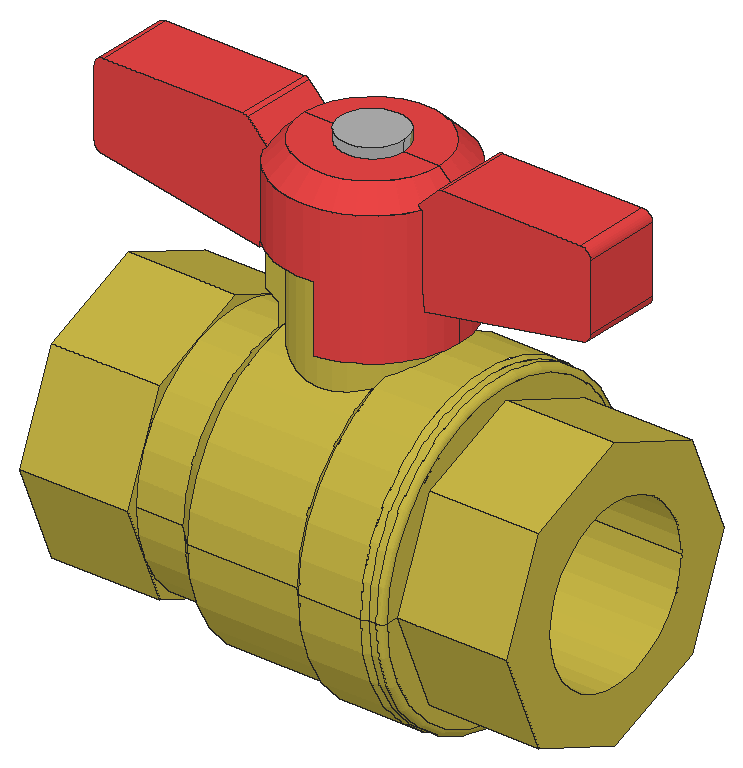
Revit family "QA01840000", category Apparecchi idraulici, Revit 2016
Family settings
  Tipo di parte = Normale
  Quota connettore circolare = Usa diametro
  Numero OmniClass = 23.45.00.00
  Titolo OmniClass = Sanitary, Laundry, and Cleaning Equipment
  Basato su piano di lavoro = No
  Sempre verticale = Sì
  Taglio con vuoti quando caricato = No
  Condiviso = No
  Punto di calcolo locali = No
Parameters
  URL = "https://web.cimberio.it/index.php/figura/1031?subcategoria_id=41693"
  DN Model [instance] = QA01841025 : QA01841025
  DN [instance] = 25 mm
Reference planes
  plane 1 "Centro (Fronte/Retro)": y = 0
  plane 2: z = 0
  plane 3 "Centro (Sinistra/Destra)": x = 0
Dimensions and locks
  aligned and locked: level to plane 2
Nested families
  nested 1: "QA01841025" at (0, 0, 0), type <- "DN Model", type "QA01841025"
  nested 2: "QA01841025" at (0, 0, 0), type <- "DN Model", type "QA01841025"
  nested 3: "QA01841025" at (0, 0, 0), type <- "DN Model", type "QA01841025"
  nested 4: "QA01841025" at (0, 0, 0), type <- "DN Model", type "QA01841025"
  nested 5: "QA01841025" at (0, 0, 0), type <- "DN Model", type "QA01841025"
  nested 6: "QA01841025" at (0, 0, 0), type <- "DN Model", type "QA01841025"
  nested 7: "QA01841025" at (0, 0, 0), type <- "DN Model", type "QA01841025"
  nested 8: "QA01841025" at (0, 0, 0), type <- "DN Model", type "QA01841025"
Connectors
  piping at (36.701, 0, 0), diameter 25, driven by "DN"
    settings: on nested 1, index 1, connector inside diameter 609.6 mm, connector length 0 mm, flow factor 0, pipe flow 0.0 L/s, pressure drop 0.0 Pa, fitting loss kfactor 0, connector angle 0.00°, fixture units 0, engagement length 0 mm, angle of deflection 0.00°, flow configuration 0, flow direction 0, fitting loss method 0, system type 7, joint type 0, gender type 0, connector reference index -1, connector utility 0, adjustable connector no, is connector primary yes, connector description ""
  piping at (-36.899, 0, 0), diameter 25, driven by "DN"
    settings: on nested 1, index 2, connector inside diameter 609.6 mm, connector length 0 mm, flow factor 0, pipe flow 0.0 L/s, pressure drop 0.0 Pa, fitting loss kfactor 0, connector angle 0.00°, fixture units 0, engagement length 0 mm, angle of deflection 0.00°, flow configuration 0, flow direction 0, fitting loss method 0, system type 7, joint type 0, gender type 0, connector reference index -1, connector utility 0, adjustable connector no, is connector primary no, connector description ""
Definition of nested family "QA01841025"
  Reference planes
    plane 1 "Centro (Fronte/Retro)": y = 0
    plane 2: z = 0
    plane 3 "Centro (Sinistra/Destra)": x = 0
  Forms (mm)
    Extrusion 1, solid
      sketch origin (0, 0, 23.55) x (1, 0, 0) y (0, 1, 0)
        loop
          circle (0, 0) r 10.25
        loop
          circle (0, 0) r 6.348
      from -11.092 to 15.409
    Extrusion 2, solid
      sketch origin (-1.996, 0, -0.045) x (1, 0, 0) y (0, 0, 1)
        loop
          line (-13, 30.345) -> (-13, 24.043) -> (-11, 22.888) -> (-11, 12.504) -> (-5.604, 12.504) -> (-5.604, 30.345) -> (-13, 30.345)
      from 0 to 1.497
    Extrusion 3, solid
      sketch origin (0, 0, 48.769) x (0, 1, 0) y (-1, 0, 0)
        loop
          circle (0, 0) r 4.75
      from 0 to 1.5
    Revolve 4, solid
      sketch origin (0, 0, 0) x (0, 1, 0) y (-1, 0, 0)
        loop
          line (9.248, 20.6) -> (9.248, -20.096) -> (22.254, -20.096)
          arc (22.254, -20.096) -> (22.958, -19.804) -> (23.25, -19.1) r 0.996
          line (23.25, -19.1) -> (23.25, -17.98) -> (23.5, -16.977) -> (23.5, -7.6) -> (22.3, -6.4) -> (22.3, 10.1) -> (19, 13.4) -> (19, 20.6) -> (9.248, 20.6)
        axis (0, 20.6) -> (0, -20.096)
      angle from 0 to 360
    Revolve 5, solid
      sketch origin (0, 0, -5) x (1, 0, 0) y (0, 0, 1)
        loop
          line (0, 53.806) -> (-10.244, 53.806) -> (-13.25, 50.8) -> (-13.25, 30.778) -> (-10.467, 30.778) -> (-10.467, 45.453) -> (0, 45.453) -> (0, 53.806)
        axis (0, 30.778) -> (0, 53.806)
      angle from 0 to 360
    Extrusion 6, void
      sketch origin (0, 0, 53.3) x (-1, 0, 0) y (0, 1, 0)
        loop
          line (14.025, 0) -> (10.467, 0)
          arc (10.467, 0) -> (6.812, -7.947) -> (-1.6, -10.344) r 10.467
          line (-1.6, -10.344) -> (-1.6, -13.934)
          arc (-1.6, -13.934) -> (9.334, -10.468) -> (14.025, 0) r 14.025
      from 17.5 to 31.018
    Extrusion 7, solid
      sketch origin (0, 0, 0) x (1, 0, 0) y (0, 0, 1)
        loop
          arc (-14.325, 49.208) -> (-14.649, 49.425) -> (-15.032, 49.501) r 1
          line (-15.032, 49.501) -> (-36.032, 49.501)
          arc (-36.032, 49.501) -> (-37.092, 49.062) -> (-37.532, 48.001) r 1.5
          line (-37.532, 48.001) -> (-37.532, 37.978)
          arc (-37.532, 37.978) -> (-37.181, 37.014) -> (-36.292, 36.501) r 1.5
          line (-36.292, 36.501) -> (-12.471, 32.301) -> (-11.124, 46.001) -> (-14.325, 49.208)
        loop
          line (14.325, 49.208) -> (11.124, 46.001) -> (12.471, 32.301) -> (36.292, 36.501)
          arc (36.292, 36.501) -> (37.181, 37.014) -> (37.532, 37.978) r 1.5
          line (37.532, 37.978) -> (37.532, 48.001)
          arc (37.532, 48.001) -> (37.092, 49.062) -> (36.032, 49.501) r 1.5
          line (36.032, 49.501) -> (15.032, 49.501)
          arc (15.032, 49.501) -> (14.649, 49.425) -> (14.325, 49.208) r 1
      from -5.938 to 5.674
    Extrusion 8, solid
      sketch origin (-16, 0, 0) x (0, 0, 1) y (0, 1, 0)
        loop
          circle (0, 0) r 12.5
        loop
          line (20.5, 0) -> (14.496, 14.496) -> (0, 20.5) -> (-14.496, 14.496) -> (-20.5, 0) -> (-14.496, -14.496) -> (0, -20.5) -> (14.496, -14.496) -> (20.5, 0)
      from 4.6 to 20.899
    Extrusion 9, solid
      sketch origin (16, 0, 0) x (0, 0, 1) y (0, -1, 0)
        loop
          circle (0, 0) r 12.5
        loop
          line (20.5, 0) -> (14.496, 14.496) -> (0, 20.5) -> (-14.496, 14.496) -> (-20.5, 0) -> (-14.496, -14.496) -> (0, -20.5) -> (14.496, -14.496) -> (20.5, 0)
      from 4.096 to 20.701
  Cuts and joins
    Extrusion 6 cuts Revolve 5
  Dimensions and locks
    aligned and locked: level to plane 2
